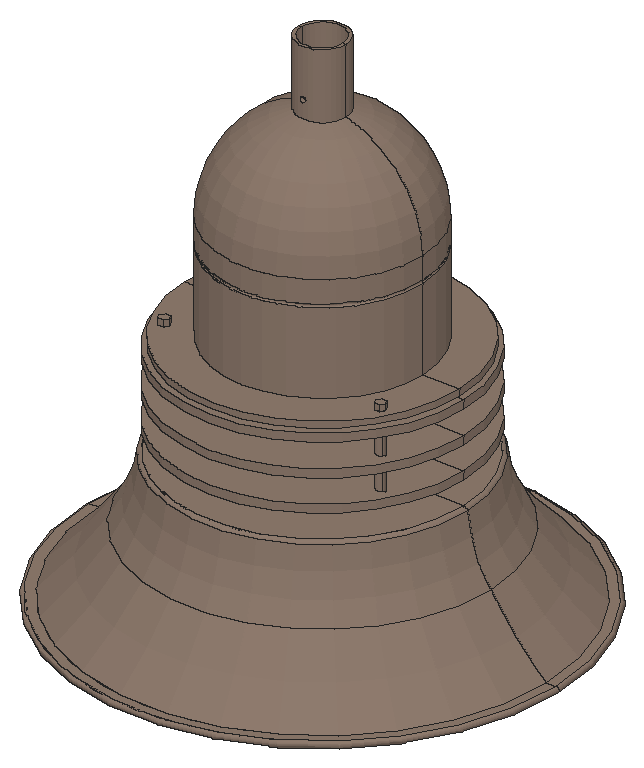
Revit family "BVF2007", category Generic Models, Revit 2014
Parameters
  GLASS = Glass
  DETAIL 2 = Bronze, Architectural
  DETAIL = Bronze, Architectural
  BELL = Bronze, Architectural
Reference planes (in)
  plane 1 "Center (Front/Back)": y = 0
  plane 2: z = 0
  plane 3 "Center (Left/Right)": x = 0
Forms (in)
  Revolve 1, solid, material "Bronze, Architectural" <- "BELL"
    sketch origin (0, 0, -1.52926) x (1, 0, 0) y (0, 0, 1)
      loop
        line (-0.69, 20.25943) -> (-0.98437, 20.25943)
        arc (-0.98437, 20.25943) -> (-3.33512, 18.75928) -> (-4.25, 16.125) r 4.25
        line (-4.25, 16.125) -> (-4.25, 15.1875)
        arc (-4.25, 15.1875) -> (-4.21143, 15.125) -> (-4.25, 15.0625) r 0.06992
        line (-4.25, 15.0625) -> (-4.25, 11.625) -> (-5.8125, 11.625) -> (-5.8125, 11.375) -> (-4.125, 11.375) -> (-4.125, 15.0086)
        arc (-4.125, 15.0086) -> (-4.08643, 15.125) -> (-4.125, 15.2414) r 0.19492
        line (-4.125, 15.2414) -> (-4.125, 16.125)
        arc (-4.125, 16.125) -> (-3.24154, 18.67609) -> (-0.96959, 20.13443) r 4.125
        line (-0.96959, 20.13443) -> (-0.69, 20.13443) -> (-0.69, 20.25943)
      axis (0, 20.25943) -> (0, 11.375)
    angle from 0 to 360
  Revolve 2, solid, material "Glass" <- "GLASS"
    sketch origin (0, 0, -1.52926) x (1, 0, 0) y (0, 0, 1)
      loop
        line (0, 7.25) -> (0, 11.375) -> (-4.125, 11.375) -> (-4.125, 7.25) -> (0, 7.25)
      axis (0, 11.375) -> (0, 7.25)
    angle from 0 to 360
  Revolve 3, solid, material "Bronze, Architectural" <- "BELL"
    sketch origin (0, 0, -1.52926) x (1, 0, 0) y (0, 0, 1)
      loop
        line (-4.02812, 7.25) -> (-5.96994, 7.25)
        arc (-5.96994, 7.25) -> (-6.07735, 7.21619) -> (-6.14602, 7.12694) r 0.1875
        arc (-6.14602, 7.12694) -> (-6.46299, 5.74091) -> (-7.11563, 4.47774) r 5.65554
        arc (-7.11563, 4.47774) -> (-8.21855, 3.05974) -> (-9.47853, 1.77926) r 15.45956
        line (-9.47853, 1.77926) -> (-9.87973, 1.77926)
        arc (-9.87973, 1.77926) -> (-10.00473, 1.65426) -> (-9.87973, 1.52926) r 0.125
        line (-9.87973, 1.52926) -> (-9.57124, 1.52926)
        arc (-9.57124, 1.52926) -> (-8.20274, 2.88873) -> (-7.01267, 4.40686) r 15.58456
        arc (-7.01267, 4.40686) -> (-6.3491, 5.68843) -> (-6.02366, 7.09444) r 5.78054
        arc (-6.02366, 7.09444) -> (-6.00084, 7.11683) -> (-5.96994, 7.125) r 0.0625
        line (-5.96994, 7.125) -> (-4.02812, 7.125) -> (-4.02812, 7.25)
      axis (0, 7.25) -> (0, 1.52926)
    angle from 0 to 360
  Revolve 4, solid, material "Bronze, Architectural" <- "BELL"
    sketch origin (0, 0, -1.52926) x (1, 0, 0) y (0, 0, 1)
      loop
        line (-4.12483, 11.28125) -> (-6, 11.28125) -> (-6, 10.9375) -> (-4.12483, 10.9375) -> (-4.12483, 11.28125)
      loop
        line (-4.12483, 9.9375) -> (-6, 9.9375) -> (-6, 9.59375) -> (-4.12483, 9.59375) -> (-4.12483, 9.9375)
      loop
        line (-4.12483, 8.59375) -> (-6, 8.59375) -> (-6, 8.25) -> (-4.12483, 8.25) -> (-4.12483, 8.59375)
      axis (0, 11.28125) -> (0, 8.25)
    angle from 0 to 360
  Revolve 5, solid, material "Bronze, Architectural" <- "BELL"
    sketch origin (0, 0, -1.52926) x (1, 0, 0) y (0, 0, 1)
      loop
        line (-1, 23.00943) -> (-1, 20.25943) -> (-0.875, 20.25943) -> (-0.875, 23.00943) -> (-1, 23.00943)
      axis (0, 23.00943) -> (0, 20.25943)
    angle from 0 to 360
  Extrusion 6, void
    sketch origin (0, 0, -1.52926) x (1, 0, 0) y (0, 0, 1)
      loop
        circle (0, 21.00943) r 0.12446
    from -1.04376 to 1.03845
  Revolve 7, solid, material "Bronze, Architectural" <- "DETAIL"
    sketch origin (0.0002, 0, -1.53006) x (0.866025, 0.5, 0) y (0, 0, 1)
      loop
        line (-5.28051, 11.625) -> (-5.46801, 11.625) -> (-5.46801, 8.25) -> (-5.28051, 8.25) -> (-5.28051, 11.625)
      axis (-5.28051, 11.625) -> (-5.28051, 8.25)
    angle from 0 to 360
  Extrusion 8, solid, material "Bronze, Architectural" <- "DETAIL 2"
    sketch origin (0.0002, 0, -1.53006) x (0.866025, 0.5, 0) y (-0.5, 0.866025, 0)
      loop
        line (-5.09301, 0.10825) -> (-5.28051, 0.21651) -> (-5.46801, 0.10825) -> (-5.46801, -0.10825) -> (-5.28051, -0.21651) -> (-5.09301, -0.10825) -> (-5.09301, 0.10825)
    from 11.625 to 11.875
  Extrusion 9, solid, material "Bronze, Architectural" <- "DETAIL 2"
    sketch origin (0.0002, 0, -1.53006) x (0.866025, 0.5, 0) y (-0.5, 0.866025, 0)
      loop
        line (-5.09301, 0.10825) -> (-5.28051, 0.21651) -> (-5.46801, 0.10825) -> (-5.46801, -0.10825) -> (-5.28051, -0.21651) -> (-5.09301, -0.10825) -> (-5.09301, 0.10825)
    from 8.01314 to 8.25
  Revolve 10, solid, material "Bronze, Architectural" <- "DETAIL"
    sketch origin (0.0002, 0, -1.53006) x (0, -1, 0) y (0, 0, 1)
      loop
        line (-5.28051, 11.625) -> (-5.46801, 11.625) -> (-5.46801, 8.25) -> (-5.28051, 8.25) -> (-5.28051, 11.625)
      axis (-5.28051, 11.625) -> (-5.28051, 8.25)
    angle from 0 to 360
  Extrusion 11, solid, material "Bronze, Architectural" <- "DETAIL 2"
    sketch origin (0.0002, 0, -1.53006) x (0, -1, 0) y (1, 0, 0)
      loop
        line (-5.09301, 0.10825) -> (-5.28051, 0.21651) -> (-5.46801, 0.10825) -> (-5.46801, -0.10825) -> (-5.28051, -0.21651) -> (-5.09301, -0.10825) -> (-5.09301, 0.10825)
    from 11.625 to 11.875
  Extrusion 12, solid, material "Bronze, Architectural" <- "DETAIL 2"
    sketch origin (0.0002, 0, -1.53006) x (0, -1, 0) y (1, 0, 0)
      loop
        line (-5.09301, 0.10825) -> (-5.28051, 0.21651) -> (-5.46801, 0.10825) -> (-5.46801, -0.10825) -> (-5.28051, -0.21651) -> (-5.09301, -0.10825) -> (-5.09301, 0.10825)
    from 8.01314 to 8.25
  Revolve 13, solid, material "Bronze, Architectural" <- "DETAIL"
    sketch origin (0.0002, 0, -1.53006) x (-0.866025, 0.5, 0) y (0, 0, 1)
      loop
        line (-5.28051, 11.625) -> (-5.46801, 11.625) -> (-5.46801, 8.25) -> (-5.28051, 8.25) -> (-5.28051, 11.625)
      axis (-5.28051, 11.625) -> (-5.28051, 8.25)
    angle from 0 to 360
  Extrusion 14, solid, material "Bronze, Architectural" <- "DETAIL 2"
    sketch origin (0.0002, 0, -1.53006) x (-0.866025, 0.5, 0) y (-0.5, -0.866025, 0)
      loop
        line (-5.09301, 0.10825) -> (-5.28051, 0.21651) -> (-5.46801, 0.10825) -> (-5.46801, -0.10825) -> (-5.28051, -0.21651) -> (-5.09301, -0.10825) -> (-5.09301, 0.10825)
    from 11.625 to 11.875
  Extrusion 15, solid, material "Bronze, Architectural" <- "DETAIL 2"
    sketch origin (0.0002, 0, -1.53006) x (-0.866025, 0.5, 0) y (-0.5, -0.866025, 0)
      loop
        line (-5.09301, 0.10825) -> (-5.28051, 0.21651) -> (-5.46801, 0.10825) -> (-5.46801, -0.10825) -> (-5.28051, -0.21651) -> (-5.09301, -0.10825) -> (-5.09301, 0.10825)
    from 8.01314 to 8.25
Cuts and joins
  Extrusion 6 cuts Revolve 5
Dimensions and locks (in)
  aligned and locked: plane 2 to level
